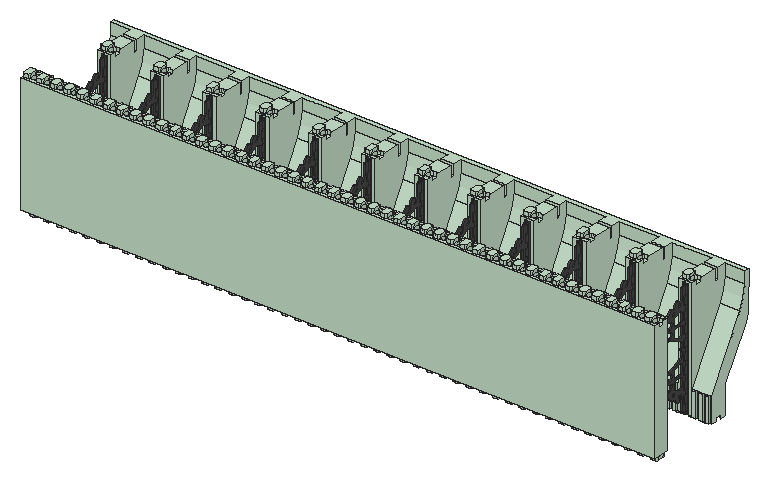
Revit family (continued)
Forms (mm)
  Extrusion 54, void
    sketch origin (1574.8, -0.033, 0) x (-1, 0, 0) y (0, -1, 0)
      loop
        arc (50.8, -101.014) -> (50.362, -98.696) -> (49.108, -96.698) r 6.35
        arc (49.108, -96.698) -> (48.795, -96.199) -> (48.685, -95.62) r 1.588
        line (48.685, -95.62) -> (48.685, -86.829) -> (44.346, -86.829) -> (44.346, -92.457)
        arc (44.346, -92.457) -> (43.786, -93.668) -> (42.5, -94.024) r 1.587
        arc (42.5, -94.024) -> (36.091, -93.737) -> (29.796, -94.972) r 26.988
        arc (29.796, -94.972) -> (26.615, -97.278) -> (25.4, -101.014) r 6.35
        line (25.4, -101.014) -> (25.4, -124.411)
    from 457.2 to 444.5
  Extrusion 55, void
    sketch origin (1371.6, -0.033, 0) x (-1, 0, 0) y (0, -1, 0)
      loop
        arc (25.4, -124.411) -> (26.615, -128.147) -> (29.796, -130.453) r 6.35
        arc (29.796, -130.453) -> (38.1, -131.763) -> (46.404, -130.453) r 26.987
        arc (46.404, -130.453) -> (49.585, -128.147) -> (50.8, -124.411) r 6.35
        line (50.8, -124.411) -> (50.8, -101.014)
        arc (50.8, -101.014) -> (50.362, -98.696) -> (49.108, -96.698) r 6.35
        arc (49.108, -96.698) -> (48.795, -96.199) -> (48.685, -95.62) r 1.588
        line (48.685, -95.62) -> (48.685, -86.829) -> (44.346, -86.829) -> (44.346, -92.457)
        arc (44.346, -92.457) -> (43.786, -93.668) -> (42.5, -94.024) r 1.587
        arc (42.5, -94.024) -> (36.091, -93.737) -> (29.796, -94.972) r 26.988
        arc (29.796, -94.972) -> (26.615, -97.278) -> (25.4, -101.014) r 6.35
        line (25.4, -101.014) -> (25.4, -124.411)
    from 457.2 to 444.5
  Extrusion 56, void
    sketch origin (1168.4, -0.033, 0) x (-1, 0, 0) y (0, -1, 0)
      loop
        arc (25.4, -124.411) -> (26.615, -128.147) -> (29.796, -130.453) r 6.35
        arc (29.796, -130.453) -> (38.1, -131.763) -> (46.404, -130.453) r 26.987
        arc (46.404, -130.453) -> (49.585, -128.147) -> (50.8, -124.411) r 6.35
        line (50.8, -124.411) -> (50.8, -101.014)
        arc (50.8, -101.014) -> (50.362, -98.696) -> (49.108, -96.698) r 6.35
        arc (49.108, -96.698) -> (48.795, -96.199) -> (48.685, -95.62) r 1.588
        line (48.685, -95.62) -> (48.685, -86.829) -> (44.346, -86.829) -> (44.346, -92.457)
        arc (44.346, -92.457) -> (43.786, -93.668) -> (42.5, -94.024) r 1.587
        arc (42.5, -94.024) -> (36.091, -93.737) -> (29.796, -94.972) r 26.988
        arc (29.796, -94.972) -> (26.615, -97.278) -> (25.4, -101.014) r 6.35
        line (25.4, -101.014) -> (25.4, -124.411)
    from 457.2 to 444.5
  Extrusion 57, void
    sketch origin (965.2, -0.033, 0) x (-1, 0, 0) y (0, -1, 0)
      loop
        arc (25.4, -124.411) -> (26.615, -128.147) -> (29.796, -130.453) r 6.35
        arc (29.796, -130.453) -> (38.1, -131.763) -> (46.404, -130.453) r 26.987
        arc (46.404, -130.453) -> (49.585, -128.147) -> (50.8, -124.411) r 6.35
        line (50.8, -124.411) -> (50.8, -101.014)
        arc (50.8, -101.014) -> (50.362, -98.696) -> (49.108, -96.698) r 6.35
        arc (49.108, -96.698) -> (48.795, -96.199) -> (48.685, -95.62) r 1.588
        line (48.685, -95.62) -> (48.685, -86.829) -> (44.346, -86.829) -> (44.346, -92.457)
        arc (44.346, -92.457) -> (43.786, -93.668) -> (42.5, -94.024) r 1.587
        arc (42.5, -94.024) -> (36.091, -93.737) -> (29.796, -94.972) r 26.988
        arc (29.796, -94.972) -> (26.615, -97.278) -> (25.4, -101.014) r 6.35
        line (25.4, -101.014) -> (25.4, -124.411)
    from 457.2 to 444.5
  Extrusion 58, void
    sketch origin (762, -0.033, 0) x (-1, 0, 0) y (0, -1, 0)
      loop
        arc (25.4, -124.411) -> (26.615, -128.147) -> (29.796, -130.453) r 6.35
        arc (29.796, -130.453) -> (38.1, -131.763) -> (46.404, -130.453) r 26.987
        arc (46.404, -130.453) -> (49.585, -128.147) -> (50.8, -124.411) r 6.35
        line (50.8, -124.411) -> (50.8, -101.014)
        arc (50.8, -101.014) -> (50.362, -98.696) -> (49.108, -96.698) r 6.35
        arc (49.108, -96.698) -> (48.795, -96.199) -> (48.685, -95.62) r 1.588
        line (48.685, -95.62) -> (48.685, -86.829) -> (44.346, -86.829) -> (44.346, -92.457)
        arc (44.346, -92.457) -> (43.786, -93.668) -> (42.5, -94.024) r 1.587
        arc (42.5, -94.024) -> (36.091, -93.737) -> (29.796, -94.972) r 26.988
        arc (29.796, -94.972) -> (26.615, -97.278) -> (25.4, -101.014) r 6.35
        line (25.4, -101.014) -> (25.4, -124.411)
    from 457.2 to 444.5
  Extrusion 59, void
    sketch origin (558.8, -0.033, 0) x (-1, 0, 0) y (0, -1, 0)
      loop
        arc (25.4, -124.411) -> (26.615, -128.147) -> (29.796, -130.453) r 6.35
        arc (29.796, -130.453) -> (38.1, -131.763) -> (46.404, -130.453) r 26.987
        arc (46.404, -130.453) -> (49.585, -128.147) -> (50.8, -124.411) r 6.35
        line (50.8, -124.411) -> (50.8, -101.014)
        arc (50.8, -101.014) -> (50.362, -98.696) -> (49.108, -96.698) r 6.35
        arc (49.108, -96.698) -> (48.795, -96.199) -> (48.685, -95.62) r 1.588
        line (48.685, -95.62) -> (48.685, -86.829) -> (44.346, -86.829) -> (44.346, -92.457)
        arc (44.346, -92.457) -> (43.786, -93.668) -> (42.5, -94.024) r 1.587
        arc (42.5, -94.024) -> (36.091, -93.737) -> (29.796, -94.972) r 26.988
        arc (29.796, -94.972) -> (26.615, -97.278) -> (25.4, -101.014) r 6.35
        line (25.4, -101.014) -> (25.4, -124.411)
    from 457.2 to 444.5
  Extrusion 60, void
    sketch origin (355.6, -0.033, 0) x (-1, 0, 0) y (0, -1, 0)
      loop
        arc (25.4, -124.411) -> (26.615, -128.147) -> (29.796, -130.453) r 6.35
        arc (29.796, -130.453) -> (38.1, -131.763) -> (46.404, -130.453) r 26.987
        arc (46.404, -130.453) -> (49.585, -128.147) -> (50.8, -124.411) r 6.35
        line (50.8, -124.411) -> (50.8, -101.014)
        arc (50.8, -101.014) -> (50.362, -98.696) -> (49.108, -96.698) r 6.35
        arc (49.108, -96.698) -> (48.795, -96.199) -> (48.685, -95.62) r 1.588
        line (48.685, -95.62) -> (48.685, -86.829) -> (44.346, -86.829) -> (44.346, -92.457)
        arc (44.346, -92.457) -> (43.786, -93.668) -> (42.5, -94.024) r 1.587
        arc (42.5, -94.024) -> (36.091, -93.737) -> (29.796, -94.972) r 26.988
        arc (29.796, -94.972) -> (26.615, -97.278) -> (25.4, -101.014) r 6.35
        line (25.4, -101.014) -> (25.4, -124.411)
    from 457.2 to 444.5
  Extrusion 61, void
    sketch origin (152.4, -0.033, 0) x (-1, 0, 0) y (0, -1, 0)
      loop
        arc (25.4, -124.411) -> (26.615, -128.147) -> (29.796, -130.453) r 6.35
        arc (29.796, -130.453) -> (38.1, -131.763) -> (46.404, -130.453) r 26.987
        arc (46.404, -130.453) -> (49.585, -128.147) -> (50.8, -124.411) r 6.35
        line (50.8, -124.411) -> (50.8, -101.014)
        arc (50.8, -101.014) -> (50.362, -98.696) -> (49.108, -96.698) r 6.35
        arc (49.108, -96.698) -> (48.795, -96.199) -> (48.685, -95.62) r 1.588
        line (48.685, -95.62) -> (48.685, -86.829) -> (44.346, -86.829) -> (44.346, -92.457)
        arc (44.346, -92.457) -> (43.786, -93.668) -> (42.5, -94.024) r 1.587
        arc (42.5, -94.024) -> (36.091, -93.737) -> (29.796, -94.972) r 26.988
        arc (29.796, -94.972) -> (26.615, -97.278) -> (25.4, -101.014) r 6.35
        line (25.4, -101.014) -> (25.4, -124.411)
    from 457.2 to 444.5
  Extrusion 62, void
    sketch origin (50.8, -50.833, 0) x (-1, 0, 0) y (0, -1, 0)
      loop
        line (25.4, 124.411) -> (25.4, 101.014)
        arc (25.4, 101.014) -> (26.615, 97.278) -> (29.796, 94.972) r 6.35
        arc (29.796, 94.972) -> (36.091, 93.737) -> (42.5, 94.024) r 26.988
        arc (42.5, 94.024) -> (43.786, 93.668) -> (44.346, 92.457) r 1.587
        line (44.346, 92.457) -> (44.346, 86.829) -> (48.685, 86.829) -> (48.685, 95.62)
        arc (48.685, 95.62) -> (48.795, 96.199) -> (49.108, 96.698) r 1.588
        arc (49.108, 96.698) -> (50.362, 98.696) -> (50.8, 101.014) r 6.35
        line (50.8, 101.014) -> (50.8, 124.411)
        arc (50.8, 124.411) -> (49.585, 128.147) -> (46.404, 130.453) r 6.35
        arc (46.404, 130.453) -> (38.1, 131.763) -> (29.796, 130.453) r 26.987
        arc (29.796, 130.453) -> (26.615, 128.147) -> (25.4, 124.411) r 6.35
    from 0 to 12.7
  Extrusion 63, void
    sketch origin (101.6, -50.833, 0) x (-1, 0, 0) y (0, -1, 0)
      loop
        line (25.4, 124.411) -> (25.4, 101.014)
        arc (25.4, 101.014) -> (26.615, 97.278) -> (29.796, 94.972) r 6.35
        arc (29.796, 94.972) -> (36.091, 93.737) -> (42.5, 94.024) r 26.988
        arc (42.5, 94.024) -> (43.786, 93.668) -> (44.346, 92.457) r 1.587
        line (44.346, 92.457) -> (44.346, 86.829) -> (48.685, 86.829) -> (48.685, 95.62)
        arc (48.685, 95.62) -> (48.795, 96.199) -> (49.108, 96.698) r 1.588
        arc (49.108, 96.698) -> (50.362, 98.696) -> (50.8, 101.014) r 6.35
        line (50.8, 101.014) -> (50.8, 124.411)
        arc (50.8, 124.411) -> (49.585, 128.147) -> (46.404, 130.453) r 6.35
        arc (46.404, 130.453) -> (38.1, 131.763) -> (29.796, 130.453) r 26.987
        arc (29.796, 130.453) -> (26.615, 128.147) -> (25.4, 124.411) r 6.35
    from 0 to 12.7
  Extrusion 64, void
    sketch origin (152.4, -50.833, 0) x (-1, 0, 0) y (0, -1, 0)
      loop
        line (25.4, 124.411) -> (25.4, 101.014)
        arc (25.4, 101.014) -> (26.615, 97.278) -> (29.796, 94.972) r 6.35
        arc (29.796, 94.972) -> (36.091, 93.737) -> (42.5, 94.024) r 26.988
        arc (42.5, 94.024) -> (43.786, 93.668) -> (44.346, 92.457) r 1.587
        line (44.346, 92.457) -> (44.346, 86.829) -> (48.685, 86.829) -> (48.685, 95.62)
        arc (48.685, 95.62) -> (48.795, 96.199) -> (49.108, 96.698) r 1.588
        arc (49.108, 96.698) -> (50.362, 98.696) -> (50.8, 101.014) r 6.35
        line (50.8, 101.014) -> (50.8, 124.411)
        arc (50.8, 124.411) -> (49.585, 128.147) -> (46.404, 130.453) r 6.35
        arc (46.404, 130.453) -> (38.1, 131.763) -> (29.796, 130.453) r 26.987
        arc (29.796, 130.453) -> (26.615, 128.147) -> (25.4, 124.411) r 6.35
    from 0 to 12.7
  Extrusion 65, void
    sketch origin (203.2, -50.833, 0) x (-1, 0, 0) y (0, -1, 0)
      loop
        line (25.4, 124.411) -> (25.4, 101.014)
        arc (25.4, 101.014) -> (26.615, 97.278) -> (29.796, 94.972) r 6.35
        arc (29.796, 94.972) -> (36.091, 93.737) -> (42.5, 94.024) r 26.988
        arc (42.5, 94.024) -> (43.786, 93.668) -> (44.346, 92.457) r 1.587
        line (44.346, 92.457) -> (44.346, 86.829) -> (48.685, 86.829) -> (48.685, 95.62)
        arc (48.685, 95.62) -> (48.795, 96.199) -> (49.108, 96.698) r 1.588
        arc (49.108, 96.698) -> (50.362, 98.696) -> (50.8, 101.014) r 6.35
        line (50.8, 101.014) -> (50.8, 124.411)
        arc (50.8, 124.411) -> (49.585, 128.147) -> (46.404, 130.453) r 6.35
        arc (46.404, 130.453) -> (38.1, 131.763) -> (29.796, 130.453) r 26.987
        arc (29.796, 130.453) -> (26.615, 128.147) -> (25.4, 124.411) r 6.35
    from 0 to 12.7
  Extrusion 66, void
    sketch origin (254, -50.833, 0) x (-1, 0, 0) y (0, -1, 0)
      loop
        line (25.4, 124.411) -> (25.4, 101.014)
        arc (25.4, 101.014) -> (26.615, 97.278) -> (29.796, 94.972) r 6.35
        arc (29.796, 94.972) -> (36.091, 93.737) -> (42.5, 94.024) r 26.988
        arc (42.5, 94.024) -> (43.786, 93.668) -> (44.346, 92.457) r 1.587
        line (44.346, 92.457) -> (44.346, 86.829) -> (48.685, 86.829) -> (48.685, 95.62)
        arc (48.685, 95.62) -> (48.795, 96.199) -> (49.108, 96.698) r 1.588
        arc (49.108, 96.698) -> (50.362, 98.696) -> (50.8, 101.014) r 6.35
        line (50.8, 101.014) -> (50.8, 124.411)
        arc (50.8, 124.411) -> (49.585, 128.147) -> (46.404, 130.453) r 6.35
        arc (46.404, 130.453) -> (38.1, 131.763) -> (29.796, 130.453) r 26.987
        arc (29.796, 130.453) -> (26.615, 128.147) -> (25.4, 124.411) r 6.35
    from 0 to 12.7
  Extrusion 67, void
    sketch origin (304.8, -50.833, 0) x (-1, 0, 0) y (0, -1, 0)
      loop
        line (25.4, 124.411) -> (25.4, 101.014)
        arc (25.4, 101.014) -> (26.615, 97.278) -> (29.796, 94.972) r 6.35
        arc (29.796, 94.972) -> (36.091, 93.737) -> (42.5, 94.024) r 26.988
        arc (42.5, 94.024) -> (43.786, 93.668) -> (44.346, 92.457) r 1.587
        line (44.346, 92.457) -> (44.346, 86.829) -> (48.685, 86.829) -> (48.685, 95.62)
        arc (48.685, 95.62) -> (48.795, 96.199) -> (49.108, 96.698) r 1.588
        arc (49.108, 96.698) -> (50.362, 98.696) -> (50.8, 101.014) r 6.35
        line (50.8, 101.014) -> (50.8, 124.411)
        arc (50.8, 124.411) -> (49.585, 128.147) -> (46.404, 130.453) r 6.35
        arc (46.404, 130.453) -> (38.1, 131.763) -> (29.796, 130.453) r 26.987
        arc (29.796, 130.453) -> (26.615, 128.147) -> (25.4, 124.411) r 6.35
    from 0 to 12.7
  Extrusion 68, void
    sketch origin (355.6, -50.833, 0) x (-1, 0, 0) y (0, -1, 0)
      loop
        line (25.4, 124.411) -> (25.4, 101.014)
        arc (25.4, 101.014) -> (26.615, 97.278) -> (29.796, 94.972) r 6.35
        arc (29.796, 94.972) -> (36.091, 93.737) -> (42.5, 94.024) r 26.988
        arc (42.5, 94.024) -> (43.786, 93.668) -> (44.346, 92.457) r 1.587
        line (44.346, 92.457) -> (44.346, 86.829) -> (48.685, 86.829) -> (48.685, 95.62)
        arc (48.685, 95.62) -> (48.795, 96.199) -> (49.108, 96.698) r 1.588
        arc (49.108, 96.698) -> (50.362, 98.696) -> (50.8, 101.014) r 6.35
        line (50.8, 101.014) -> (50.8, 124.411)
        arc (50.8, 124.411) -> (49.585, 128.147) -> (46.404, 130.453) r 6.35
        arc (46.404, 130.453) -> (38.1, 131.763) -> (29.796, 130.453) r 26.987
        arc (29.796, 130.453) -> (26.615, 128.147) -> (25.4, 124.411) r 6.35
    from 0 to 12.7
  Extrusion 69, void
    sketch origin (406.4, -50.833, 0) x (-1, 0, 0) y (0, -1, 0)
      loop
        line (25.4, 124.411) -> (25.4, 101.014)
        arc (25.4, 101.014) -> (26.615, 97.278) -> (29.796, 94.972) r 6.35
        arc (29.796, 94.972) -> (36.091, 93.737) -> (42.5, 94.024) r 26.988
        arc (42.5, 94.024) -> (43.786, 93.668) -> (44.346, 92.457) r 1.587
        line (44.346, 92.457) -> (44.346, 86.829) -> (48.685, 86.829) -> (48.685, 95.62)
        arc (48.685, 95.62) -> (48.795, 96.199) -> (49.108, 96.698) r 1.588
        arc (49.108, 96.698) -> (50.362, 98.696) -> (50.8, 101.014) r 6.35
        line (50.8, 101.014) -> (50.8, 124.411)
        arc (50.8, 124.411) -> (49.585, 128.147) -> (46.404, 130.453) r 6.35
        arc (46.404, 130.453) -> (38.1, 131.763) -> (29.796, 130.453) r 26.987
        arc (29.796, 130.453) -> (26.615, 128.147) -> (25.4, 124.411) r 6.35
    from 0 to 12.7
  Extrusion 70, void
    sketch origin (457.2, -50.833, 0) x (-1, 0, 0) y (0, -1, 0)
      loop
        line (25.4, 124.411) -> (25.4, 101.014)
        arc (25.4, 101.014) -> (26.615, 97.278) -> (29.796, 94.972) r 6.35
        arc (29.796, 94.972) -> (36.091, 93.737) -> (42.5, 94.024) r 26.988
        arc (42.5, 94.024) -> (43.786, 93.668) -> (44.346, 92.457) r 1.587
        line (44.346, 92.457) -> (44.346, 86.829) -> (48.685, 86.829) -> (48.685, 95.62)
        arc (48.685, 95.62) -> (48.795, 96.199) -> (49.108, 96.698) r 1.588
        arc (49.108, 96.698) -> (50.362, 98.696) -> (50.8, 101.014) r 6.35
        line (50.8, 101.014) -> (50.8, 124.411)
        arc (50.8, 124.411) -> (49.585, 128.147) -> (46.404, 130.453) r 6.35
        arc (46.404, 130.453) -> (38.1, 131.763) -> (29.796, 130.453) r 26.987
        arc (29.796, 130.453) -> (26.615, 128.147) -> (25.4, 124.411) r 6.35
    from 0 to 12.7
  Extrusion 71, void
    sketch origin (508, -50.833, 0) x (-1, 0, 0) y (0, -1, 0)
      loop
        line (25.4, 124.411) -> (25.4, 101.014)
        arc (25.4, 101.014) -> (26.615, 97.278) -> (29.796, 94.972) r 6.35
        arc (29.796, 94.972) -> (36.091, 93.737) -> (42.5, 94.024) r 26.988
        arc (42.5, 94.024) -> (43.786, 93.668) -> (44.346, 92.457) r 1.587
        line (44.346, 92.457) -> (44.346, 86.829) -> (48.685, 86.829) -> (48.685, 95.62)
        arc (48.685, 95.62) -> (48.795, 96.199) -> (49.108, 96.698) r 1.588
        arc (49.108, 96.698) -> (50.362, 98.696) -> (50.8, 101.014) r 6.35
        line (50.8, 101.014) -> (50.8, 124.411)
        arc (50.8, 124.411) -> (49.585, 128.147) -> (46.404, 130.453) r 6.35
        arc (46.404, 130.453) -> (38.1, 131.763) -> (29.796, 130.453) r 26.987
        arc (29.796, 130.453) -> (26.615, 128.147) -> (25.4, 124.411) r 6.35
    from 0 to 12.7
  Extrusion 72, void
    sketch origin (558.8, -50.833, 0) x (-1, 0, 0) y (0, -1, 0)
      loop
        line (25.4, 124.411) -> (25.4, 101.014)
        arc (25.4, 101.014) -> (26.615, 97.278) -> (29.796, 94.972) r 6.35
        arc (29.796, 94.972) -> (36.091, 93.737) -> (42.5, 94.024) r 26.988
        arc (42.5, 94.024) -> (43.786, 93.668) -> (44.346, 92.457) r 1.587
        line (44.346, 92.457) -> (44.346, 86.829) -> (48.685, 86.829) -> (48.685, 95.62)
        arc (48.685, 95.62) -> (48.795, 96.199) -> (49.108, 96.698) r 1.588
        arc (49.108, 96.698) -> (50.362, 98.696) -> (50.8, 101.014) r 6.35
        line (50.8, 101.014) -> (50.8, 124.411)
        arc (50.8, 124.411) -> (49.585, 128.147) -> (46.404, 130.453) r 6.35
        arc (46.404, 130.453) -> (38.1, 131.763) -> (29.796, 130.453) r 26.987
        arc (29.796, 130.453) -> (26.615, 128.147) -> (25.4, 124.411) r 6.35
    from 0 to 12.7
  Extrusion 73, void
    sketch origin (609.6, -50.833, 0) x (-1, 0, 0) y (0, -1, 0)
      loop
        line (25.4, 124.411) -> (25.4, 101.014)
        arc (25.4, 101.014) -> (26.615, 97.278) -> (29.796, 94.972) r 6.35
        arc (29.796, 94.972) -> (36.091, 93.737) -> (42.5, 94.024) r 26.988
        arc (42.5, 94.024) -> (43.786, 93.668) -> (44.346, 92.457) r 1.587
        line (44.346, 92.457) -> (44.346, 86.829) -> (48.685, 86.829) -> (48.685, 95.62)
        arc (48.685, 95.62) -> (48.795, 96.199) -> (49.108, 96.698) r 1.588
        arc (49.108, 96.698) -> (50.362, 98.696) -> (50.8, 101.014) r 6.35
        line (50.8, 101.014) -> (50.8, 124.411)
        arc (50.8, 124.411) -> (49.585, 128.147) -> (46.404, 130.453) r 6.35
        arc (46.404, 130.453) -> (38.1, 131.763) -> (29.796, 130.453) r 26.987
        arc (29.796, 130.453) -> (26.615, 128.147) -> (25.4, 124.411) r 6.35
    from 0 to 12.7
  Extrusion 74, void
    sketch origin (660.4, -50.833, 0) x (-1, 0, 0) y (0, -1, 0)
      loop
        line (25.4, 124.411) -> (25.4, 101.014)
        arc (25.4, 101.014) -> (26.615, 97.278) -> (29.796, 94.972) r 6.35
        arc (29.796, 94.972) -> (36.091, 93.737) -> (42.5, 94.024) r 26.988
        arc (42.5, 94.024) -> (43.786, 93.668) -> (44.346, 92.457) r 1.587
        line (44.346, 92.457) -> (44.346, 86.829) -> (48.685, 86.829) -> (48.685, 95.62)
        arc (48.685, 95.62) -> (48.795, 96.199) -> (49.108, 96.698) r 1.588
        arc (49.108, 96.698) -> (50.362, 98.696) -> (50.8, 101.014) r 6.35
        line (50.8, 101.014) -> (50.8, 124.411)
        arc (50.8, 124.411) -> (49.585, 128.147) -> (46.404, 130.453) r 6.35
        arc (46.404, 130.453) -> (38.1, 131.763) -> (29.796, 130.453) r 26.987
        arc (29.796, 130.453) -> (26.615, 128.147) -> (25.4, 124.411) r 6.35
    from 0 to 12.7
  Extrusion 75, void
    sketch origin (711.2, -50.833, 0) x (-1, 0, 0) y (0, -1, 0)
      loop
        line (25.4, 124.411) -> (25.4, 101.014)
        arc (25.4, 101.014) -> (26.615, 97.278) -> (29.796, 94.972) r 6.35
        arc (29.796, 94.972) -> (36.091, 93.737) -> (42.5, 94.024) r 26.988
        arc (42.5, 94.024) -> (43.786, 93.668) -> (44.346, 92.457) r 1.587
        line (44.346, 92.457) -> (44.346, 86.829) -> (48.685, 86.829) -> (48.685, 95.62)
        arc (48.685, 95.62) -> (48.795, 96.199) -> (49.108, 96.698) r 1.588
        arc (49.108, 96.698) -> (50.362, 98.696) -> (50.8, 101.014) r 6.35
        line (50.8, 101.014) -> (50.8, 124.411)
        arc (50.8, 124.411) -> (49.585, 128.147) -> (46.404, 130.453) r 6.35
        arc (46.404, 130.453) -> (38.1, 131.763) -> (29.796, 130.453) r 26.987
        arc (29.796, 130.453) -> (26.615, 128.147) -> (25.4, 124.411) r 6.35
    from 0 to 12.7
  Extrusion 76, void
    sketch origin (762, -50.833, 0) x (-1, 0, 0) y (0, -1, 0)
      loop
        line (25.4, 124.411) -> (25.4, 101.014)
        arc (25.4, 101.014) -> (26.615, 97.278) -> (29.796, 94.972) r 6.35
        arc (29.796, 94.972) -> (36.091, 93.737) -> (42.5, 94.024) r 26.988
        arc (42.5, 94.024) -> (43.786, 93.668) -> (44.346, 92.457) r 1.587
        line (44.346, 92.457) -> (44.346, 86.829) -> (48.685, 86.829) -> (48.685, 95.62)
        arc (48.685, 95.62) -> (48.795, 96.199) -> (49.108, 96.698) r 1.588
        arc (49.108, 96.698) -> (50.362, 98.696) -> (50.8, 101.014) r 6.35
        line (50.8, 101.014) -> (50.8, 124.411)
        arc (50.8, 124.411) -> (49.585, 128.147) -> (46.404, 130.453) r 6.35
        arc (46.404, 130.453) -> (38.1, 131.763) -> (29.796, 130.453) r 26.987
        arc (29.796, 130.453) -> (26.615, 128.147) -> (25.4, 124.411) r 6.35
    from 0 to 12.7
  Extrusion 77, void
    sketch origin (812.8, -50.833, 0) x (-1, 0, 0) y (0, -1, 0)
      loop
        line (25.4, 124.411) -> (25.4, 101.014)
        arc (25.4, 101.014) -> (26.615, 97.278) -> (29.796, 94.972) r 6.35
        arc (29.796, 94.972) -> (36.091, 93.737) -> (42.5, 94.024) r 26.988
        arc (42.5, 94.024) -> (43.786, 93.668) -> (44.346, 92.457) r 1.587
        line (44.346, 92.457) -> (44.346, 86.829) -> (48.685, 86.829) -> (48.685, 95.62)
        arc (48.685, 95.62) -> (48.795, 96.199) -> (49.108, 96.698) r 1.588
        arc (49.108, 96.698) -> (50.362, 98.696) -> (50.8, 101.014) r 6.35
        line (50.8, 101.014) -> (50.8, 124.411)
        arc (50.8, 124.411) -> (49.585, 128.147) -> (46.404, 130.453) r 6.35
        arc (46.404, 130.453) -> (38.1, 131.763) -> (29.796, 130.453) r 26.987
        arc (29.796, 130.453) -> (26.615, 128.147) -> (25.4, 124.411) r 6.35
    from 0 to 12.7
  Extrusion 78, void
    sketch origin (863.6, -50.833, 0) x (-1, 0, 0) y (0, -1, 0)
      loop
        line (25.4, 124.411) -> (25.4, 101.014)
        arc (25.4, 101.014) -> (26.615, 97.278) -> (29.796, 94.972) r 6.35
        arc (29.796, 94.972) -> (36.091, 93.737) -> (42.5, 94.024) r 26.988
        arc (42.5, 94.024) -> (43.786, 93.668) -> (44.346, 92.457) r 1.587
        line (44.346, 92.457) -> (44.346, 86.829) -> (48.685, 86.829) -> (48.685, 95.62)
        arc (48.685, 95.62) -> (48.795, 96.199) -> (49.108, 96.698) r 1.588
        arc (49.108, 96.698) -> (50.362, 98.696) -> (50.8, 101.014) r 6.35
        line (50.8, 101.014) -> (50.8, 124.411)
        arc (50.8, 124.411) -> (49.585, 128.147) -> (46.404, 130.453) r 6.35
        arc (46.404, 130.453) -> (38.1, 131.763) -> (29.796, 130.453) r 26.987
        arc (29.796, 130.453) -> (26.615, 128.147) -> (25.4, 124.411) r 6.35
    from 0 to 12.7
  Extrusion 79, void
    sketch origin (914.4, -50.833, 0) x (-1, 0, 0) y (0, -1, 0)
      loop
        line (25.4, 124.411) -> (25.4, 101.014)
        arc (25.4, 101.014) -> (26.615, 97.278) -> (29.796, 94.972) r 6.35
        arc (29.796, 94.972) -> (36.091, 93.737) -> (42.5, 94.024) r 26.988
        arc (42.5, 94.024) -> (43.786, 93.668) -> (44.346, 92.457) r 1.587
        line (44.346, 92.457) -> (44.346, 86.829) -> (48.685, 86.829) -> (48.685, 95.62)
        arc (48.685, 95.62) -> (48.795, 96.199) -> (49.108, 96.698) r 1.588
        arc (49.108, 96.698) -> (50.362, 98.696) -> (50.8, 101.014) r 6.35
        line (50.8, 101.014) -> (50.8, 124.411)
        arc (50.8, 124.411) -> (49.585, 128.147) -> (46.404, 130.453) r 6.35
        arc (46.404, 130.453) -> (38.1, 131.763) -> (29.796, 130.453) r 26.987
        arc (29.796, 130.453) -> (26.615, 128.147) -> (25.4, 124.411) r 6.35
    from 0 to 12.7
  Extrusion 80, void
    sketch origin (965.2, -50.833, 0) x (-1, 0, 0) y (0, -1, 0)
      loop
        line (25.4, 124.411) -> (25.4, 101.014)
        arc (25.4, 101.014) -> (26.615, 97.278) -> (29.796, 94.972) r 6.35
        arc (29.796, 94.972) -> (36.091, 93.737) -> (42.5, 94.024) r 26.988
        arc (42.5, 94.024) -> (43.786, 93.668) -> (44.346, 92.457) r 1.587
        line (44.346, 92.457) -> (44.346, 86.829) -> (48.685, 86.829) -> (48.685, 95.62)
        arc (48.685, 95.62) -> (48.795, 96.199) -> (49.108, 96.698) r 1.588
        arc (49.108, 96.698) -> (50.362, 98.696) -> (50.8, 101.014) r 6.35
        line (50.8, 101.014) -> (50.8, 124.411)
        arc (50.8, 124.411) -> (49.585, 128.147) -> (46.404, 130.453) r 6.35
        arc (46.404, 130.453) -> (38.1, 131.763) -> (29.796, 130.453) r 26.987
        arc (29.796, 130.453) -> (26.615, 128.147) -> (25.4, 124.411) r 6.35
    from 0 to 12.7
  Extrusion 81, void
    sketch origin (1016, -50.833, 0) x (-1, 0, 0) y (0, -1, 0)
      loop
        line (25.4, 124.411) -> (25.4, 101.014)
        arc (25.4, 101.014) -> (26.615, 97.278) -> (29.796, 94.972) r 6.35
        arc (29.796, 94.972) -> (36.091, 93.737) -> (42.5, 94.024) r 26.988
        arc (42.5, 94.024) -> (43.786, 93.668) -> (44.346, 92.457) r 1.587
        line (44.346, 92.457) -> (44.346, 86.829) -> (48.685, 86.829) -> (48.685, 95.62)
        arc (48.685, 95.62) -> (48.795, 96.199) -> (49.108, 96.698) r 1.588
        arc (49.108, 96.698) -> (50.362, 98.696) -> (50.8, 101.014) r 6.35
        line (50.8, 101.014) -> (50.8, 124.411)
        arc (50.8, 124.411) -> (49.585, 128.147) -> (46.404, 130.453) r 6.35
        arc (46.404, 130.453) -> (38.1, 131.763) -> (29.796, 130.453) r 26.987
        arc (29.796, 130.453) -> (26.615, 128.147) -> (25.4, 124.411) r 6.35
    from 0 to 12.7
  Extrusion 82, void
    sketch origin (1066.8, -50.833, 0) x (-1, 0, 0) y (0, -1, 0)
      loop
        line (25.4, 124.411) -> (25.4, 101.014)
        arc (25.4, 101.014) -> (26.615, 97.278) -> (29.796, 94.972) r 6.35
        arc (29.796, 94.972) -> (36.091, 93.737) -> (42.5, 94.024) r 26.988
        arc (42.5, 94.024) -> (43.786, 93.668) -> (44.346, 92.457) r 1.587
        line (44.346, 92.457) -> (44.346, 86.829) -> (48.685, 86.829) -> (48.685, 95.62)
        arc (48.685, 95.62) -> (48.795, 96.199) -> (49.108, 96.698) r 1.588
        arc (49.108, 96.698) -> (50.362, 98.696) -> (50.8, 101.014) r 6.35
        line (50.8, 101.014) -> (50.8, 124.411)
        arc (50.8, 124.411) -> (49.585, 128.147) -> (46.404, 130.453) r 6.35
        arc (46.404, 130.453) -> (38.1, 131.763) -> (29.796, 130.453) r 26.987
        arc (29.796, 130.453) -> (26.615, 128.147) -> (25.4, 124.411) r 6.35
    from 0 to 12.7
  Extrusion 83, void
    sketch origin (1117.6, -50.833, 0) x (-1, 0, 0) y (0, -1, 0)
      loop
        line (25.4, 124.411) -> (25.4, 101.014)
        arc (25.4, 101.014) -> (26.615, 97.278) -> (29.796, 94.972) r 6.35
        arc (29.796, 94.972) -> (36.091, 93.737) -> (42.5, 94.024) r 26.988
        arc (42.5, 94.024) -> (43.786, 93.668) -> (44.346, 92.457) r 1.587
        line (44.346, 92.457) -> (44.346, 86.829) -> (48.685, 86.829) -> (48.685, 95.62)
        arc (48.685, 95.62) -> (48.795, 96.199) -> (49.108, 96.698) r 1.588
        arc (49.108, 96.698) -> (50.362, 98.696) -> (50.8, 101.014) r 6.35
        line (50.8, 101.014) -> (50.8, 124.411)
        arc (50.8, 124.411) -> (49.585, 128.147) -> (46.404, 130.453) r 6.35
        arc (46.404, 130.453) -> (38.1, 131.763) -> (29.796, 130.453) r 26.987
        arc (29.796, 130.453) -> (26.615, 128.147) -> (25.4, 124.411) r 6.35
    from 0 to 12.7
  Extrusion 84, void
    sketch origin (1168.4, -50.833, 0) x (-1, 0, 0) y (0, -1, 0)
      loop
        line (25.4, 124.411) -> (25.4, 101.014)
        arc (25.4, 101.014) -> (26.615, 97.278) -> (29.796, 94.972) r 6.35
        arc (29.796, 94.972) -> (36.091, 93.737) -> (42.5, 94.024) r 26.988
        arc (42.5, 94.024) -> (43.786, 93.668) -> (44.346, 92.457) r 1.587
        line (44.346, 92.457) -> (44.346, 86.829) -> (48.685, 86.829) -> (48.685, 95.62)
        arc (48.685, 95.62) -> (48.795, 96.199) -> (49.108, 96.698) r 1.588
        arc (49.108, 96.698) -> (50.362, 98.696) -> (50.8, 101.014) r 6.35
        line (50.8, 101.014) -> (50.8, 124.411)
        arc (50.8, 124.411) -> (49.585, 128.147) -> (46.404, 130.453) r 6.35
        arc (46.404, 130.453) -> (38.1, 131.763) -> (29.796, 130.453) r 26.987
        arc (29.796, 130.453) -> (26.615, 128.147) -> (25.4, 124.411) r 6.35
    from 0 to 12.7
  Extrusion 85, void
    sketch origin (1219.2, -50.833, 0) x (-1, 0, 0) y (0, -1, 0)
      loop
        line (25.4, 124.411) -> (25.4, 101.014)
        arc (25.4, 101.014) -> (26.615, 97.278) -> (29.796, 94.972) r 6.35
        arc (29.796, 94.972) -> (36.091, 93.737) -> (42.5, 94.024) r 26.988
        arc (42.5, 94.024) -> (43.786, 93.668) -> (44.346, 92.457) r 1.587
        line (44.346, 92.457) -> (44.346, 86.829) -> (48.685, 86.829) -> (48.685, 95.62)
        arc (48.685, 95.62) -> (48.795, 96.199) -> (49.108, 96.698) r 1.588
        arc (49.108, 96.698) -> (50.362, 98.696) -> (50.8, 101.014) r 6.35
        line (50.8, 101.014) -> (50.8, 124.411)
        arc (50.8, 124.411) -> (49.585, 128.147) -> (46.404, 130.453) r 6.35
        arc (46.404, 130.453) -> (38.1, 131.763) -> (29.796, 130.453) r 26.987
        arc (29.796, 130.453) -> (26.615, 128.147) -> (25.4, 124.411) r 6.35
    from 0 to 12.7
  Extrusion 86, void
    sketch origin (1270, -50.833, 0) x (-1, 0, 0) y (0, -1, 0)
      loop
        line (25.4, 124.411) -> (25.4, 101.014)
        arc (25.4, 101.014) -> (26.615, 97.278) -> (29.796, 94.972) r 6.35
        arc (29.796, 94.972) -> (36.091, 93.737) -> (42.5, 94.024) r 26.988
        arc (42.5, 94.024) -> (43.786, 93.668) -> (44.346, 92.457) r 1.587
        line (44.346, 92.457) -> (44.346, 86.829) -> (48.685, 86.829) -> (48.685, 95.62)
        arc (48.685, 95.62) -> (48.795, 96.199) -> (49.108, 96.698) r 1.588
        arc (49.108, 96.698) -> (50.362, 98.696) -> (50.8, 101.014) r 6.35
        line (50.8, 101.014) -> (50.8, 124.411)
        arc (50.8, 124.411) -> (49.585, 128.147) -> (46.404, 130.453) r 6.35
        arc (46.404, 130.453) -> (38.1, 131.763) -> (29.796, 130.453) r 26.987
        arc (29.796, 130.453) -> (26.615, 128.147) -> (25.4, 124.411) r 6.35
    from 0 to 12.7
  Extrusion 87, void
    sketch origin (1320.8, -50.833, 0) x (-1, 0, 0) y (0, -1, 0)
      loop
        line (25.4, 124.411) -> (25.4, 101.014)
        arc (25.4, 101.014) -> (26.615, 97.278) -> (29.796, 94.972) r 6.35
        arc (29.796, 94.972) -> (36.091, 93.737) -> (42.5, 94.024) r 26.988
        arc (42.5, 94.024) -> (43.786, 93.668) -> (44.346, 92.457) r 1.587
        line (44.346, 92.457) -> (44.346, 86.829) -> (48.685, 86.829) -> (48.685, 95.62)
        arc (48.685, 95.62) -> (48.795, 96.199) -> (49.108, 96.698) r 1.588
        arc (49.108, 96.698) -> (50.362, 98.696) -> (50.8, 101.014) r 6.35
        line (50.8, 101.014) -> (50.8, 124.411)
        arc (50.8, 124.411) -> (49.585, 128.147) -> (46.404, 130.453) r 6.35
        arc (46.404, 130.453) -> (38.1, 131.763) -> (29.796, 130.453) r 26.987
        arc (29.796, 130.453) -> (26.615, 128.147) -> (25.4, 124.411) r 6.35
    from 0 to 12.7
  Extrusion 88, void
    sketch origin (1371.6, -50.833, 0) x (-1, 0, 0) y (0, -1, 0)
      loop
        line (25.4, 124.411) -> (25.4, 101.014)
        arc (25.4, 101.014) -> (26.615, 97.278) -> (29.796, 94.972) r 6.35
        arc (29.796, 94.972) -> (36.091, 93.737) -> (42.5, 94.024) r 26.988
        arc (42.5, 94.024) -> (43.786, 93.668) -> (44.346, 92.457) r 1.587
        line (44.346, 92.457) -> (44.346, 86.829) -> (48.685, 86.829) -> (48.685, 95.62)
        arc (48.685, 95.62) -> (48.795, 96.199) -> (49.108, 96.698) r 1.588
        arc (49.108, 96.698) -> (50.362, 98.696) -> (50.8, 101.014) r 6.35
        line (50.8, 101.014) -> (50.8, 124.411)
        arc (50.8, 124.411) -> (49.585, 128.147) -> (46.404, 130.453) r 6.35
        arc (46.404, 130.453) -> (38.1, 131.763) -> (29.796, 130.453) r 26.987
        arc (29.796, 130.453) -> (26.615, 128.147) -> (25.4, 124.411) r 6.35
    from 0 to 12.7
  Extrusion 89, void
    sketch origin (1422.4, -50.833, 0) x (-1, 0, 0) y (0, -1, 0)
      loop
        line (25.4, 124.411) -> (25.4, 101.014)
        arc (25.4, 101.014) -> (26.615, 97.278) -> (29.796, 94.972) r 6.35
        arc (29.796, 94.972) -> (36.091, 93.737) -> (42.5, 94.024) r 26.988
        arc (42.5, 94.024) -> (43.786, 93.668) -> (44.346, 92.457) r 1.587
        line (44.346, 92.457) -> (44.346, 86.829) -> (48.685, 86.829) -> (48.685, 95.62)
        arc (48.685, 95.62) -> (48.795, 96.199) -> (49.108, 96.698) r 1.588
        arc (49.108, 96.698) -> (50.362, 98.696) -> (50.8, 101.014) r 6.35
        line (50.8, 101.014) -> (50.8, 124.411)
        arc (50.8, 124.411) -> (49.585, 128.147) -> (46.404, 130.453) r 6.35
        arc (46.404, 130.453) -> (38.1, 131.763) -> (29.796, 130.453) r 26.987
        arc (29.796, 130.453) -> (26.615, 128.147) -> (25.4, 124.411) r 6.35
    from 0 to 12.7
  Extrusion 90, void
    sketch origin (1473.2, -50.833, 0) x (-1, 0, 0) y (0, -1, 0)
      loop
        line (25.4, 124.411) -> (25.4, 101.014)
        arc (25.4, 101.014) -> (26.615, 97.278) -> (29.796, 94.972) r 6.35
        arc (29.796, 94.972) -> (36.091, 93.737) -> (42.5, 94.024) r 26.988
        arc (42.5, 94.024) -> (43.786, 93.668) -> (44.346, 92.457) r 1.587
        line (44.346, 92.457) -> (44.346, 86.829) -> (48.685, 86.829) -> (48.685, 95.62)
        arc (48.685, 95.62) -> (48.795, 96.199) -> (49.108, 96.698) r 1.588
        arc (49.108, 96.698) -> (50.362, 98.696) -> (50.8, 101.014) r 6.35
        line (50.8, 101.014) -> (50.8, 124.411)
        arc (50.8, 124.411) -> (49.585, 128.147) -> (46.404, 130.453) r 6.35
        arc (46.404, 130.453) -> (38.1, 131.763) -> (29.796, 130.453) r 26.987
        arc (29.796, 130.453) -> (26.615, 128.147) -> (25.4, 124.411) r 6.35
    from 0 to 12.7
  Extrusion 91, void
    sketch origin (1524, -50.833, 0) x (-1, 0, 0) y (0, -1, 0)
      loop
        line (25.4, 124.411) -> (25.4, 101.014)
        arc (25.4, 101.014) -> (26.615, 97.278) -> (29.796, 94.972) r 6.35
        arc (29.796, 94.972) -> (36.091, 93.737) -> (42.5, 94.024) r 26.988
        arc (42.5, 94.024) -> (43.786, 93.668) -> (44.346, 92.457) r 1.587
        line (44.346, 92.457) -> (44.346, 86.829) -> (48.685, 86.829) -> (48.685, 95.62)
        arc (48.685, 95.62) -> (48.795, 96.199) -> (49.108, 96.698) r 1.588
        arc (49.108, 96.698) -> (50.362, 98.696) -> (50.8, 101.014) r 6.35
        line (50.8, 101.014) -> (50.8, 124.411)
        arc (50.8, 124.411) -> (49.585, 128.147) -> (46.404, 130.453) r 6.35
        arc (46.404, 130.453) -> (38.1, 131.763) -> (29.796, 130.453) r 26.987
        arc (29.796, 130.453) -> (26.615, 128.147) -> (25.4, 124.411) r 6.35
    from 0 to 12.7
  Extrusion 92, void
    sketch origin (1574.8, -50.833, 0) x (-1, 0, 0) y (0, -1, 0)
      loop
        line (25.4, 124.411) -> (25.4, 101.014)
        arc (25.4, 101.014) -> (26.615, 97.278) -> (29.796, 94.972) r 6.35
        arc (29.796, 94.972) -> (36.091, 93.737) -> (42.5, 94.024) r 26.988
        arc (42.5, 94.024) -> (43.786, 93.668) -> (44.346, 92.457) r 1.587
        line (44.346, 92.457) -> (44.346, 86.829) -> (48.685, 86.829) -> (48.685, 95.62)
        arc (48.685, 95.62) -> (48.795, 96.199) -> (49.108, 96.698) r 1.588
        arc (49.108, 96.698) -> (50.362, 98.696) -> (50.8, 101.014) r 6.35
        line (50.8, 101.014) -> (50.8, 124.411)
        arc (50.8, 124.411) -> (49.585, 128.147) -> (46.404, 130.453) r 6.35
        arc (46.404, 130.453) -> (38.1, 131.763) -> (29.796, 130.453) r 26.987
        arc (29.796, 130.453) -> (26.615, 128.147) -> (25.4, 124.411) r 6.35
    from 0 to 12.7
  Extrusion 93, void
    sketch origin (1625.6, -50.833, 0) x (-1, 0, 0) y (0, -1, 0)
      loop
        line (25.4, 124.411) -> (25.4, 101.014)
        arc (25.4, 101.014) -> (26.615, 97.278) -> (29.796, 94.972) r 6.35
        arc (29.796, 94.972) -> (36.091, 93.737) -> (42.5, 94.024) r 26.988
        arc (42.5, 94.024) -> (43.786, 93.668) -> (44.346, 92.457) r 1.587
        line (44.346, 92.457) -> (44.346, 86.829) -> (48.685, 86.829) -> (48.685, 95.62)
        arc (48.685, 95.62) -> (48.795, 96.199) -> (49.108, 96.698) r 1.588
        arc (49.108, 96.698) -> (50.362, 98.696) -> (50.8, 101.014) r 6.35
        line (50.8, 101.014) -> (50.8, 124.411)
        arc (50.8, 124.411) -> (49.585, 128.147) -> (46.404, 130.453) r 6.35
        arc (46.404, 130.453) -> (38.1, 131.763) -> (29.796, 130.453) r 26.987
        arc (29.796, 130.453) -> (26.615, 128.147) -> (25.4, 124.411) r 6.35
    from 0 to 12.7
  Extrusion 94, void
    sketch origin (1676.4, -50.833, 0) x (-1, 0, 0) y (0, -1, 0)
      loop
        line (25.4, 124.411) -> (25.4, 101.014)
        arc (25.4, 101.014) -> (26.615, 97.278) -> (29.796, 94.972) r 6.35
        arc (29.796, 94.972) -> (36.091, 93.737) -> (42.5, 94.024) r 26.988
        arc (42.5, 94.024) -> (43.786, 93.668) -> (44.346, 92.457) r 1.587
        line (44.346, 92.457) -> (44.346, 86.829) -> (48.685, 86.829) -> (48.685, 95.62)
        arc (48.685, 95.62) -> (48.795, 96.199) -> (49.108, 96.698) r 1.588
        arc (49.108, 96.698) -> (50.362, 98.696) -> (50.8, 101.014) r 6.35
        line (50.8, 101.014) -> (50.8, 124.411)
        arc (50.8, 124.411) -> (49.585, 128.147) -> (46.404, 130.453) r 6.35
        arc (46.404, 130.453) -> (38.1, 131.763) -> (29.796, 130.453) r 26.987
        arc (29.796, 130.453) -> (26.615, 128.147) -> (25.4, 124.411) r 6.35
    from 0 to 12.7
  Extrusion 95, void
    sketch origin (1727.2, -50.833, 0) x (-1, 0, 0) y (0, -1, 0)
      loop
        line (25.4, 124.411) -> (25.4, 101.014)
        arc (25.4, 101.014) -> (26.615, 97.278) -> (29.796, 94.972) r 6.35
        arc (29.796, 94.972) -> (36.091, 93.737) -> (42.5, 94.024) r 26.988
        arc (42.5, 94.024) -> (43.786, 93.668) -> (44.346, 92.457) r 1.587
        line (44.346, 92.457) -> (44.346, 86.829) -> (48.685, 86.829) -> (48.685, 95.62)
        arc (48.685, 95.62) -> (48.795, 96.199) -> (49.108, 96.698) r 1.588
        arc (49.108, 96.698) -> (50.362, 98.696) -> (50.8, 101.014) r 6.35
        line (50.8, 101.014) -> (50.8, 124.411)
        arc (50.8, 124.411) -> (49.585, 128.147) -> (46.404, 130.453) r 6.35
        arc (46.404, 130.453) -> (38.1, 131.763) -> (29.796, 130.453) r 26.987
        arc (29.796, 130.453) -> (26.615, 128.147) -> (25.4, 124.411) r 6.35
    from 0 to 12.7
  Extrusion 96, void
    sketch origin (1778, -50.833, 0) x (-1, 0, 0) y (0, -1, 0)
      loop
        line (25.4, 124.411) -> (25.4, 101.014)
        arc (25.4, 101.014) -> (26.615, 97.278) -> (29.796, 94.972) r 6.35
        arc (29.796, 94.972) -> (36.091, 93.737) -> (42.5, 94.024) r 26.988
        arc (42.5, 94.024) -> (43.786, 93.668) -> (44.346, 92.457) r 1.587
        line (44.346, 92.457) -> (44.346, 86.829) -> (48.685, 86.829) -> (48.685, 95.62)
        arc (48.685, 95.62) -> (48.795, 96.199) -> (49.108, 96.698) r 1.588
        arc (49.108, 96.698) -> (50.362, 98.696) -> (50.8, 101.014) r 6.35
        line (50.8, 101.014) -> (50.8, 124.411)
        arc (50.8, 124.411) -> (49.585, 128.147) -> (46.404, 130.453) r 6.35
        arc (46.404, 130.453) -> (38.1, 131.763) -> (29.796, 130.453) r 26.987
        arc (29.796, 130.453) -> (26.615, 128.147) -> (25.4, 124.411) r 6.35
    from 0 to 12.7
  Extrusion 97, void
    sketch origin (1828.8, -50.833, 0) x (-1, 0, 0) y (0, -1, 0)
      loop
        line (25.4, 124.411) -> (25.4, 101.014)
        arc (25.4, 101.014) -> (26.615, 97.278) -> (29.796, 94.972) r 6.35
        arc (29.796, 94.972) -> (36.091, 93.737) -> (42.5, 94.024) r 26.988
        arc (42.5, 94.024) -> (43.786, 93.668) -> (44.346, 92.457) r 1.587
        line (44.346, 92.457) -> (44.346, 86.829) -> (48.685, 86.829) -> (48.685, 95.62)
        arc (48.685, 95.62) -> (48.795, 96.199) -> (49.108, 96.698) r 1.588
        arc (49.108, 96.698) -> (50.362, 98.696) -> (50.8, 101.014) r 6.35
        line (50.8, 101.014) -> (50.8, 124.411)
        arc (50.8, 124.411) -> (49.585, 128.147) -> (46.404, 130.453) r 6.35
        arc (46.404, 130.453) -> (38.1, 131.763) -> (29.796, 130.453) r 26.987
        arc (29.796, 130.453) -> (26.615, 128.147) -> (25.4, 124.411) r 6.35
    from 0 to 12.7
  Extrusion 98, void
    sketch origin (1879.6, -50.833, 0) x (-1, 0, 0) y (0, -1, 0)
      loop
        line (25.4, 124.411) -> (25.4, 101.014)
        arc (25.4, 101.014) -> (26.615, 97.278) -> (29.796, 94.972) r 6.35
        arc (29.796, 94.972) -> (36.091, 93.737) -> (42.5, 94.024) r 26.988
        arc (42.5, 94.024) -> (43.786, 93.668) -> (44.346, 92.457) r 1.587
        line (44.346, 92.457) -> (44.346, 86.829) -> (48.685, 86.829) -> (48.685, 95.62)
        arc (48.685, 95.62) -> (48.795, 96.199) -> (49.108, 96.698) r 1.588
        arc (49.108, 96.698) -> (50.362, 98.696) -> (50.8, 101.014) r 6.35
        line (50.8, 101.014) -> (50.8, 124.411)
        arc (50.8, 124.411) -> (49.585, 128.147) -> (46.404, 130.453) r 6.35
        arc (46.404, 130.453) -> (38.1, 131.763) -> (29.796, 130.453) r 26.987
        arc (29.796, 130.453) -> (26.615, 128.147) -> (25.4, 124.411) r 6.35
    from 0 to 12.7
  Extrusion 99, void
    sketch origin (1930.4, -50.833, 0) x (-1, 0, 0) y (0, -1, 0)
      loop
        line (25.4, 124.411) -> (25.4, 101.014)
        arc (25.4, 101.014) -> (26.615, 97.278) -> (29.796, 94.972) r 6.35
        arc (29.796, 94.972) -> (36.091, 93.737) -> (42.5, 94.024) r 26.988
        arc (42.5, 94.024) -> (43.786, 93.668) -> (44.346, 92.457) r 1.587
        line (44.346, 92.457) -> (44.346, 86.829) -> (48.685, 86.829) -> (48.685, 95.62)
        arc (48.685, 95.62) -> (48.795, 96.199) -> (49.108, 96.698) r 1.588
        arc (49.108, 96.698) -> (50.362, 98.696) -> (50.8, 101.014) r 6.35
        line (50.8, 101.014) -> (50.8, 124.411)
        arc (50.8, 124.411) -> (49.585, 128.147) -> (46.404, 130.453) r 6.35
        arc (46.404, 130.453) -> (38.1, 131.763) -> (29.796, 130.453) r 26.987
        arc (29.796, 130.453) -> (26.615, 128.147) -> (25.4, 124.411) r 6.35
    from 0 to 12.7
  Extrusion 100, void
    sketch origin (1981.2, -50.833, 0) x (-1, 0, 0) y (0, -1, 0)
      loop
        line (25.4, 124.411) -> (25.4, 101.014)
        arc (25.4, 101.014) -> (26.615, 97.278) -> (29.796, 94.972) r 6.35
        arc (29.796, 94.972) -> (36.091, 93.737) -> (42.5, 94.024) r 26.988
        arc (42.5, 94.024) -> (43.786, 93.668) -> (44.346, 92.457) r 1.587
        line (44.346, 92.457) -> (44.346, 86.829) -> (48.685, 86.829) -> (48.685, 95.62)
        arc (48.685, 95.62) -> (48.795, 96.199) -> (49.108, 96.698) r 1.588
        arc (49.108, 96.698) -> (50.362, 98.696) -> (50.8, 101.014) r 6.35
        line (50.8, 101.014) -> (50.8, 124.411)
        arc (50.8, 124.411) -> (49.585, 128.147) -> (46.404, 130.453) r 6.35
        arc (46.404, 130.453) -> (38.1, 131.763) -> (29.796, 130.453) r 26.987
        arc (29.796, 130.453) -> (26.615, 128.147) -> (25.4, 124.411) r 6.35
    from 0 to 12.7
  Extrusion 101, void
    sketch origin (2032, -50.833, 0) x (-1, 0, 0) y (0, -1, 0)
      loop
        line (25.4, 124.411) -> (25.4, 101.014)
        arc (25.4, 101.014) -> (26.615, 97.278) -> (29.796, 94.972) r 6.35
        arc (29.796, 94.972) -> (36.091, 93.737) -> (42.5, 94.024) r 26.988
        arc (42.5, 94.024) -> (43.786, 93.668) -> (44.346, 92.457) r 1.587
        line (44.346, 92.457) -> (44.346, 86.829) -> (48.685, 86.829) -> (48.685, 95.62)
        arc (48.685, 95.62) -> (48.795, 96.199) -> (49.108, 96.698) r 1.588
        arc (49.108, 96.698) -> (50.362, 98.696) -> (50.8, 101.014) r 6.35
        line (50.8, 101.014) -> (50.8, 124.411)
        arc (50.8, 124.411) -> (49.585, 128.147) -> (46.404, 130.453) r 6.35
        arc (46.404, 130.453) -> (38.1, 131.763) -> (29.796, 130.453) r 26.987
        arc (29.796, 130.453) -> (26.615, 128.147) -> (25.4, 124.411) r 6.35
    from 0 to 12.7
  Extrusion 102, void
    sketch origin (2082.8, -50.833, 0) x (-1, 0, 0) y (0, -1, 0)
      loop
        line (25.4, 124.411) -> (25.4, 101.014)
        arc (25.4, 101.014) -> (26.615, 97.278) -> (29.796, 94.972) r 6.35
        arc (29.796, 94.972) -> (36.091, 93.737) -> (42.5, 94.024) r 26.988
        arc (42.5, 94.024) -> (43.786, 93.668) -> (44.346, 92.457) r 1.587
        line (44.346, 92.457) -> (44.346, 86.829) -> (48.685, 86.829) -> (48.685, 95.62)
        arc (48.685, 95.62) -> (48.795, 96.199) -> (49.108, 96.698) r 1.588
        arc (49.108, 96.698) -> (50.362, 98.696) -> (50.8, 101.014) r 6.35
        line (50.8, 101.014) -> (50.8, 124.411)
        arc (50.8, 124.411) -> (49.585, 128.147) -> (46.404, 130.453) r 6.35
        arc (46.404, 130.453) -> (38.1, 131.763) -> (29.796, 130.453) r 26.987
        arc (29.796, 130.453) -> (26.615, 128.147) -> (25.4, 124.411) r 6.35
    from 0 to 12.7
  Extrusion 103, void
    sketch origin (2133.6, -50.833, 0) x (-1, 0, 0) y (0, -1, 0)
      loop
        line (25.4, 124.411) -> (25.4, 101.014)
        arc (25.4, 101.014) -> (26.615, 97.278) -> (29.796, 94.972) r 6.35
        arc (29.796, 94.972) -> (36.091, 93.737) -> (42.5, 94.024) r 26.988
        arc (42.5, 94.024) -> (43.786, 93.668) -> (44.346, 92.457) r 1.587
        line (44.346, 92.457) -> (44.346, 86.829) -> (48.685, 86.829) -> (48.685, 95.62)
        arc (48.685, 95.62) -> (48.795, 96.199) -> (49.108, 96.698) r 1.588
        arc (49.108, 96.698) -> (50.362, 98.696) -> (50.8, 101.014) r 6.35
        line (50.8, 101.014) -> (50.8, 124.411)
        arc (50.8, 124.411) -> (49.585, 128.147) -> (46.404, 130.453) r 6.35
        arc (46.404, 130.453) -> (38.1, 131.763) -> (29.796, 130.453) r 26.987
        arc (29.796, 130.453) -> (26.615, 128.147) -> (25.4, 124.411) r 6.35
    from 0 to 12.7
  Extrusion 104, void
    sketch origin (2184.4, -50.833, 0) x (-1, 0, 0) y (0, -1, 0)
      loop
        line (25.4, 124.411) -> (25.4, 101.014)
        arc (25.4, 101.014) -> (26.615, 97.278) -> (29.796, 94.972) r 6.35
        arc (29.796, 94.972) -> (36.091, 93.737) -> (42.5, 94.024) r 26.988
        arc (42.5, 94.024) -> (43.786, 93.668) -> (44.346, 92.457) r 1.587
        line (44.346, 92.457) -> (44.346, 86.829) -> (48.685, 86.829) -> (48.685, 95.62)
        arc (48.685, 95.62) -> (48.795, 96.199) -> (49.108, 96.698) r 1.588
        arc (49.108, 96.698) -> (50.362, 98.696) -> (50.8, 101.014) r 6.35
        line (50.8, 101.014) -> (50.8, 124.411)
        arc (50.8, 124.411) -> (49.585, 128.147) -> (46.404, 130.453) r 6.35
        arc (46.404, 130.453) -> (38.1, 131.763) -> (29.796, 130.453) r 26.987
        arc (29.796, 130.453) -> (26.615, 128.147) -> (25.4, 124.411) r 6.35
    from 0 to 12.7
  Extrusion 105, void
    sketch origin (2235.2, -50.833, 0) x (-1, 0, 0) y (0, -1, 0)
      loop
        line (25.4, 124.411) -> (25.4, 101.014)
        arc (25.4, 101.014) -> (26.615, 97.278) -> (29.796, 94.972) r 6.35
        arc (29.796, 94.972) -> (36.091, 93.737) -> (42.5, 94.024) r 26.988
        arc (42.5, 94.024) -> (43.786, 93.668) -> (44.346, 92.457) r 1.587
        line (44.346, 92.457) -> (44.346, 86.829) -> (48.685, 86.829) -> (48.685, 95.62)
        arc (48.685, 95.62) -> (48.795, 96.199) -> (49.108, 96.698) r 1.588
        arc (49.108, 96.698) -> (50.362, 98.696) -> (50.8, 101.014) r 6.35
        line (50.8, 101.014) -> (50.8, 124.411)
        arc (50.8, 124.411) -> (49.585, 128.147) -> (46.404, 130.453) r 6.35
        arc (46.404, 130.453) -> (38.1, 131.763) -> (29.796, 130.453) r 26.987
        arc (29.796, 130.453) -> (26.615, 128.147) -> (25.4, 124.411) r 6.35
    from 0 to 12.7
  Extrusion 106, void
    sketch origin (2286, -50.833, 0) x (-1, 0, 0) y (0, -1, 0)
      loop
        line (25.4, 124.411) -> (25.4, 101.014)
        arc (25.4, 101.014) -> (26.615, 97.278) -> (29.796, 94.972) r 6.35
        arc (29.796, 94.972) -> (36.091, 93.737) -> (42.5, 94.024) r 26.988
        arc (42.5, 94.024) -> (43.786, 93.668) -> (44.346, 92.457) r 1.587
        line (44.346, 92.457) -> (44.346, 86.829) -> (48.685, 86.829) -> (48.685, 95.62)
        arc (48.685, 95.62) -> (48.795, 96.199) -> (49.108, 96.698) r 1.588
        arc (49.108, 96.698) -> (50.362, 98.696) -> (50.8, 101.014) r 6.35
        line (50.8, 101.014) -> (50.8, 124.411)
        arc (50.8, 124.411) -> (49.585, 128.147) -> (46.404, 130.453) r 6.35
        arc (46.404, 130.453) -> (38.1, 131.763) -> (29.796, 130.453) r 26.987
        arc (29.796, 130.453) -> (26.615, 128.147) -> (25.4, 124.411) r 6.35
    from 0 to 12.7
  Extrusion 107, void
    sketch origin (2336.8, -50.833, 0) x (-1, 0, 0) y (0, -1, 0)
      loop
        line (25.4, 124.411) -> (25.4, 101.014)
        arc (25.4, 101.014) -> (26.615, 97.278) -> (29.796, 94.972) r 6.35
        arc (29.796, 94.972) -> (36.091, 93.737) -> (42.5, 94.024) r 26.988
        arc (42.5, 94.024) -> (43.786, 93.668) -> (44.346, 92.457) r 1.587
        line (44.346, 92.457) -> (44.346, 86.829) -> (48.685, 86.829) -> (48.685, 95.62)
        arc (48.685, 95.62) -> (48.795, 96.199) -> (49.108, 96.698) r 1.588
        arc (49.108, 96.698) -> (50.362, 98.696) -> (50.8, 101.014) r 6.35
        line (50.8, 101.014) -> (50.8, 124.411)
        arc (50.8, 124.411) -> (49.585, 128.147) -> (46.404, 130.453) r 6.35
        arc (46.404, 130.453) -> (38.1, 131.763) -> (29.796, 130.453) r 26.987
        arc (29.796, 130.453) -> (26.615, 128.147) -> (25.4, 124.411) r 6.35
    from 0 to 12.7
  Extrusion 108, void
    sketch origin (2387.6, -50.833, 0) x (-1, 0, 0) y (0, -1, 0)
      loop
        line (25.4, 124.411) -> (25.4, 101.014)
        arc (25.4, 101.014) -> (26.615, 97.278) -> (29.796, 94.972) r 6.35
        arc (29.796, 94.972) -> (36.091, 93.737) -> (42.5, 94.024) r 26.988
        arc (42.5, 94.024) -> (43.786, 93.668) -> (44.346, 92.457) r 1.587
        line (44.346, 92.457) -> (44.346, 86.829) -> (48.685, 86.829) -> (48.685, 95.62)
        arc (48.685, 95.62) -> (48.795, 96.199) -> (49.108, 96.698) r 1.588
        arc (49.108, 96.698) -> (50.362, 98.696) -> (50.8, 101.014) r 6.35
        line (50.8, 101.014) -> (50.8, 124.411)
        arc (50.8, 124.411) -> (49.585, 128.147) -> (46.404, 130.453) r 6.35
        arc (46.404, 130.453) -> (38.1, 131.763) -> (29.796, 130.453) r 26.987
        arc (29.796, 130.453) -> (26.615, 128.147) -> (25.4, 124.411) r 6.35
    from 0 to 12.7
  Extrusion 109, void
    sketch origin (2438.4, -50.833, 0) x (-1, 0, 0) y (0, -1, 0)
      loop
        line (25.4, 124.411) -> (25.4, 101.014)
        arc (25.4, 101.014) -> (26.615, 97.278) -> (29.796, 94.972) r 6.35
        arc (29.796, 94.972) -> (36.091, 93.737) -> (42.5, 94.024) r 26.988
        arc (42.5, 94.024) -> (43.786, 93.668) -> (44.346, 92.457) r 1.587
        line (44.346, 92.457) -> (44.346, 86.829) -> (48.685, 86.829) -> (48.685, 95.62)
        arc (48.685, 95.62) -> (48.795, 96.199) -> (49.108, 96.698) r 1.588
        arc (49.108, 96.698) -> (50.362, 98.696) -> (50.8, 101.014) r 6.35
        line (50.8, 101.014) -> (50.8, 124.411)
        arc (50.8, 124.411) -> (49.585, 128.147) -> (46.404, 130.453) r 6.35
        arc (46.404, 130.453) -> (38.1, 131.763) -> (29.796, 130.453) r 26.987
        arc (29.796, 130.453) -> (26.615, 128.147) -> (25.4, 124.411) r 6.35
    from 0 to 12.7
  Extrusion 110, void
    sketch origin (2387.6, -0.033, 0) x (1, 0, 0) y (0, 1, 0)
      loop
        line (25.4, 124.411) -> (25.4, 101.014)
        arc (25.4, 101.014) -> (26.615, 97.278) -> (29.796, 94.972) r 6.35
        arc (29.796, 94.972) -> (36.091, 93.737) -> (42.5, 94.024) r 26.988
        arc (42.5, 94.024) -> (43.786, 93.668) -> (44.346, 92.457) r 1.587
        line (44.346, 92.457) -> (44.346, 86.829) -> (48.685, 86.829) -> (48.685, 95.62)
        arc (48.685, 95.62) -> (48.795, 96.199) -> (49.108, 96.698) r 1.588
        arc (49.108, 96.698) -> (50.362, 98.696) -> (50.8, 101.014) r 6.35
        line (50.8, 101.014) -> (50.8, 124.411)
        arc (50.8, 124.411) -> (49.585, 128.147) -> (46.404, 130.453) r 6.35
        arc (46.404, 130.453) -> (38.1, 131.763) -> (29.796, 130.453) r 26.987
        arc (29.796, 130.453) -> (26.615, 128.147) -> (25.4, 124.411) r 6.35
    from 0 to 12.7
  Extrusion 111, void
    sketch origin (2336.8, -0.033, 0) x (1, 0, 0) y (0, 1, 0)
      loop
        line (25.4, 124.411) -> (25.4, 101.014)
        arc (25.4, 101.014) -> (26.615, 97.278) -> (29.796, 94.972) r 6.35
        arc (29.796, 94.972) -> (36.091, 93.737) -> (42.5, 94.024) r 26.988
        arc (42.5, 94.024) -> (43.786, 93.668) -> (44.346, 92.457) r 1.587
        line (44.346, 92.457) -> (44.346, 86.829) -> (48.685, 86.829) -> (48.685, 95.62)
        arc (48.685, 95.62) -> (48.795, 96.199) -> (49.108, 96.698) r 1.588
        arc (49.108, 96.698) -> (50.362, 98.696) -> (50.8, 101.014) r 6.35
        line (50.8, 101.014) -> (50.8, 124.411)
        arc (50.8, 124.411) -> (49.585, 128.147) -> (46.404, 130.453) r 6.35
        arc (46.404, 130.453) -> (38.1, 131.763) -> (29.796, 130.453) r 26.987
        arc (29.796, 130.453) -> (26.615, 128.147) -> (25.4, 124.411) r 6.35
    from 0 to 12.7
  Extrusion 112, void
    sketch origin (2286, -0.033, 0) x (1, 0, 0) y (0, 1, 0)
      loop
        line (25.4, 124.411) -> (25.4, 101.014)
        arc (25.4, 101.014) -> (26.615, 97.278) -> (29.796, 94.972) r 6.35
        arc (29.796, 94.972) -> (36.091, 93.737) -> (42.5, 94.024) r 26.988
        arc (42.5, 94.024) -> (43.786, 93.668) -> (44.346, 92.457) r 1.587
        line (44.346, 92.457) -> (44.346, 86.829) -> (48.685, 86.829) -> (48.685, 95.62)
        arc (48.685, 95.62) -> (48.795, 96.199) -> (49.108, 96.698) r 1.588
        arc (49.108, 96.698) -> (50.362, 98.696) -> (50.8, 101.014) r 6.35
        line (50.8, 101.014) -> (50.8, 124.411)
        arc (50.8, 124.411) -> (49.585, 128.147) -> (46.404, 130.453) r 6.35
        arc (46.404, 130.453) -> (38.1, 131.763) -> (29.796, 130.453) r 26.987
        arc (29.796, 130.453) -> (26.615, 128.147) -> (25.4, 124.411) r 6.35
    from 0 to 12.7
  Extrusion 113, void
    sketch origin (2235.2, -0.033, 0) x (1, 0, 0) y (0, 1, 0)
      loop
        line (25.4, 124.411) -> (25.4, 101.014)
        arc (25.4, 101.014) -> (26.615, 97.278) -> (29.796, 94.972) r 6.35
        arc (29.796, 94.972) -> (36.091, 93.737) -> (42.5, 94.024) r 26.988
        arc (42.5, 94.024) -> (43.786, 93.668) -> (44.346, 92.457) r 1.587
        line (44.346, 92.457) -> (44.346, 86.829) -> (48.685, 86.829) -> (48.685, 95.62)
        arc (48.685, 95.62) -> (48.795, 96.199) -> (49.108, 96.698) r 1.588
        arc (49.108, 96.698) -> (50.362, 98.696) -> (50.8, 101.014) r 6.35
        line (50.8, 101.014) -> (50.8, 124.411)
        arc (50.8, 124.411) -> (49.585, 128.147) -> (46.404, 130.453) r 6.35
        arc (46.404, 130.453) -> (38.1, 131.763) -> (29.796, 130.453) r 26.987
        arc (29.796, 130.453) -> (26.615, 128.147) -> (25.4, 124.411) r 6.35
    from 0 to 12.7
  Extrusion 114, void
    sketch origin (2184.4, -0.033, 0) x (1, 0, 0) y (0, 1, 0)
      loop
        line (25.4, 124.411) -> (25.4, 101.014)
